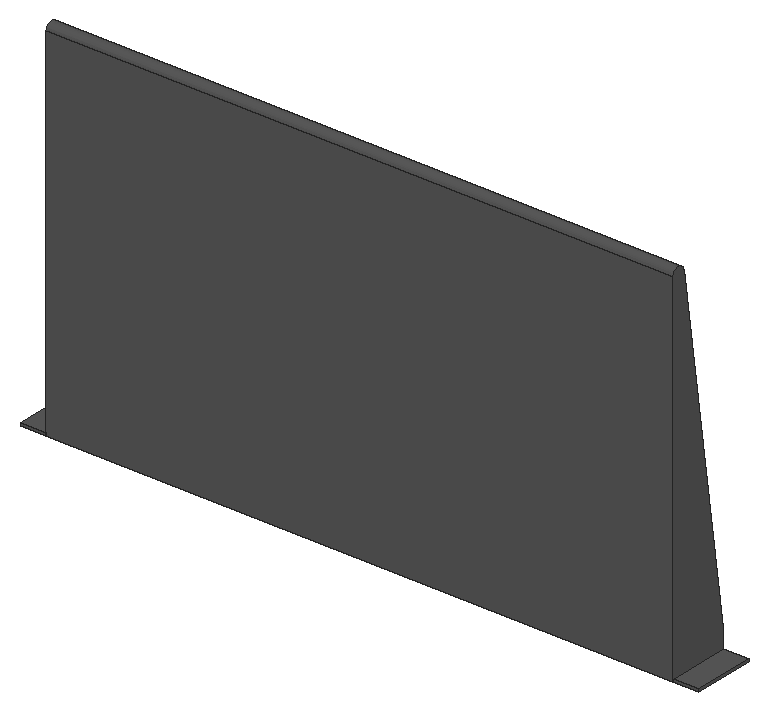
Revit family "Rack-Q-SYS-QIO Series", category Furniture, host Face, Revit 2020
Family settings
  Host = Face
  OmniClass Number = 23.40.20.27.17
  OmniClass Title = Racking
  Cut with Voids When Loaded = No
  Shared = No
  Room Calculation Point = No
Parameters (values of type "19" W x 10" D x 2" H")
  Width = 18.97"
  Weight Product = 2.4
  Weight Dimensional = 2.4
  Weight = 2.40 lbm
  URL = "https://www.qsys.com/products-solutions/q-sys/audio-io-peripherals/nm-t1/?L=0"
  Type Comments = "19\" W x 10\" D x 2\" H"
  Sustainability Rating = ""
  Regulatory Compliance = "Rack"
  Product Page URL = "https://www.qsys.com/products-solutions/q-sys/audio-io-peripherals/qio/"
  Product Documentation Link = "https://www.qsys.com/resource-files/productresources/dn/qio_series/q_dn_qsys_qioseries_rmk_2ddrawing.pdf"
  Part Number = ""
  OmniClass Number = "23.40.20.27.17"
  Model = "QIO RMK Rack Kit"
  Manufacturer URL = "www.qsys.com"
  Manufacturer = "Q-SYS"
  IQ Category = ""
  Height = 1.72"
  Description = "Rack kit for QIO Series."
  Depth = 10.31"
  Default Elevation = 48.00"
  Cost Project = 0
  Cost MSRP = 0
  Body Material = Paint - Q-SYS - Black Matte
Reference planes (in)
  plane 1 "Center (Front/Back)": y = 0
  plane 2: z = 0
  plane 3 "Center (Left/Right)": x = 0
  plane 4 "Left": x = -9.485
  plane 5 "Right": x = 9.485
  plane 6 "Bottom": y = -0.86
  plane 7 "Top": y = 0.86
  plane 8 "Back": z = 0
  plane 9 "Front": z = 10.31
  plane 10 "body left": x = -8.76059
  plane 11 "body right": x = 8.76059
  plane 12: y = -0.52535
  plane 13: x = -8.69809
  plane 14: x = 8.69809
Forms (in)
  Extrusion 1, solid, detail levels coarse
    sketch origin (0, 0, 10.31) x (-1, 0, 0) y (0, -1, 0)
      loop
        line (9.485, -0.86) -> (9.485, 0.86) -> (-9.485, 0.86) -> (-9.485, -0.86) -> (9.485, -0.86)
    from -10.31 to 0
  Extrusion 2, solid, material "Paint - Q-SYS - Black Matte" <- "Body Material", detail levels medium+fine
    sketch origin (0, 0, 0) x (0, 1, 0) y (0, 0, 1)
      loop
        line (0.86, 0.59055) -> (-0.50312, 10.15402)
        arc (-0.50312, 10.15402) -> (-0.69335, 10.3076) -> (-0.86, 10.12871) r 0.17934
        line (-0.86, 10.12871) -> (-0.86, 0) -> (0.86, 0) -> (0.86, 0.59055)
    from -8.76059 to 8.76059
  Extrusion 3, void
    sketch origin (0, 0, 0) x (0, 1, 0) y (0, 0, 1)
      loop
        line (0.86, 10.12871) -> (-0.7975, 10.12871) -> (-0.7975, 0) -> (0.86, 0) -> (0.86, 10.12871)
    from -8.69809 to 8.69809
  Extrusion 4, solid, material "Paint - Q-SYS - Black Matte" <- "Body Material", detail levels medium+fine
    sketch origin (0, 0, 0) x (-1, 0, 0) y (0, -1, 0)
      loop
        line (9.485, -0.86) -> (9.485, 0.86) -> (8.76059, 0.86) -> (8.76059, -0.86) -> (9.485, -0.86)
      loop
        line (-8.76059, -0.86) -> (-8.76059, 0.86) -> (-9.485, 0.86) -> (-9.485, -0.86) -> (-8.76059, -0.86)
    from 0 to 0.06
Cuts and joins
  Extrusion 3 cuts Extrusion 2
Lines and regions (in)
  Masking region 1, detail levels coarse
    outline origin (0, 0, 0) x (-1, 0, 0) y (0, -1, 0)
      loop
        line (-9.485, -0.86) -> (9.485, -0.86) -> (9.485, 0.86) -> (-9.485, 0.86) -> (-9.485, -0.86)
  Masking region 2, detail levels coarse
    outline origin (0, 0, 0) x (1, 0, 0) y (0, 0, 1)
      loop
        line (-9.485, 10.31) -> (-9.485, 0) -> (9.485, 0) -> (9.485, 10.31) -> (-9.485, 10.31)
  Masking region 3, detail levels coarse
    outline origin (0, 0, 0) x (0, 1, 0) y (0, 0, 1)
      loop
        line (0.86, 10.31) -> (-0.86, 10.31) -> (-0.86, 0) -> (0.86, 0) -> (0.86, 10.31)
  Masking region 4, detail levels medium+fine
    outline origin (0, 0, 0) x (-1, 0, 0) y (0, -1, 0)
      loop
        line (9.485, -0.86) -> (9.485, 0.86) -> (-9.485, 0.86) -> (-9.485, -0.86) -> (-8.69809, -0.86) -> (-8.69809, 0.49951) -> (8.69809, 0.49951) -> (8.69809, -0.86) -> (9.485, -0.86)
  Masking region 5, detail levels medium+fine
    outline origin (-8.76059, 0, 0) x (0, 0, 1) y (0, -1, 0)
      loop
        arc (10.15402, 0.50312) -> (10.3076, 0.69335) -> (10.12871, 0.86) r 0.17934
        line (10.12871, 0.86) -> (0, 0.86) -> (0, -0.86) -> (0.59055, -0.86) -> (10.15402, 0.50312)
  Masking region 6, detail levels medium+fine
    outline origin (0, 0, 0) x (1, 0, 0) y (0, 0, 1)
      loop
        line (-8.76059, 10.31) -> (-8.76059, 0.06) -> (-9.485, 0.06) -> (-9.485, 0) -> (9.485, 0) -> (9.485, 0.06) -> (8.76059, 0.06) -> (8.76059, 10.31) -> (-8.76059, 10.31)
  symbolic lines, style "GenericModel", detail levels medium+fine
    curve 1: line (-8.76059, 0.86, 0) -> (-8.76059, -0.86, 0)
    curve 2: line (8.76059, -0.86, 0) -> (8.76059, 0.86, 0)
  symbolic lines, detail levels medium+fine
    curve 3: line (-9.485, 0.86, 0.06) -> (-9.485, -0.86, 0.06)
    curve 4: line (-8.69809, 0.86, 10.31) -> (-8.69809, 0.86, 0)
    curve 5: line (8.69809, 0.86, 10.31) -> (8.69809, 0.86, 0)
Dimensions and locks (in)
  "Height": plane 7 "Top" to plane 6 "Bottom"
  equal spacing: plane 4 "Left", plane 3 "Center (Left/Right)", plane 5 "Right"
  "Width": plane 4 "Left" to plane 5 "Right"
  "Depth": plane 9 "Front" to plane 8 "Back"
  locked: plane 10 "body left" to plane 4 "Left" at 0.72441
  locked: plane 5 "Right" to plane 11 "body right" at 0.72441
  equal spacing: plane 7 "Top", plane 1 "Center (Front/Back)", plane 6 "Bottom"
  plane 12 to plane 6 "Bottom" = 0.33465"
  locked: plane 10 "body left" to plane 13 at 0.0625
  locked: plane 14 to plane 11 "body right" at 0.0625
  locked: Extrusion 3 sketch curve to plane 6 "Bottom" at 0.0625
  aligned and locked: plane 2 to host face
  aligned and locked: level to host face
  aligned and locked: level to plane 8 "Back"
  aligned and locked: plane 4 "Left" to Masking region 2 sketch curve
  aligned and locked: Masking region 2 sketch curve to plane 9 "Front"
  aligned and locked: plane 8 "Back" to Masking region 2 sketch curve
  aligned and locked: Masking region 2 sketch curve to plane 5 "Right"
  aligned and locked: Masking region 3 sketch curve to plane 7 "Top"
  aligned and locked: plane 6 "Bottom" to Masking region 3 sketch curve
  aligned and locked: Masking region 3 sketch curve to plane 9 "Front"
  aligned and locked: plane 8 "Back" to Masking region 3 sketch curve
  aligned and locked: Extrusion 1 to plane 8 "Back"
  aligned and locked: plane 9 "Front" to Extrusion 1
  aligned and locked: Extrusion 2 sketch curve to plane 6 "Bottom"
  aligned and locked: Extrusion 2 sketch curve to plane 8 "Back"
  aligned and locked: plane 7 "Top" to Extrusion 2 sketch curve
  aligned and locked: Extrusion 2 to plane 10 "body left"
  aligned and locked: plane 11 "body right" to Extrusion 2
  aligned and locked: plane 7 "Top" to Extrusion 3 sketch curve
  aligned and locked: Extrusion 3 to plane 13
  aligned and locked: plane 14 to Extrusion 3
  aligned and locked: Extrusion 3 sketch curve to plane 8 "Back"
  aligned and locked: Extrusion 4 sketch curve to Extrusion 4 sketch curve  (x2)
  aligned and locked: Extrusion 4 sketch curve to plane 10 "body left"
  aligned and locked: plane 6 "Bottom" to Extrusion 4 sketch curve
  aligned and locked: Extrusion 4 sketch curve to plane 7 "Top"
  aligned and locked: plane 4 "Left" to Extrusion 4 sketch curve
  aligned and locked: Extrusion 4 sketch curve to plane 5 "Right"
  aligned and locked: plane 11 "body right" to Extrusion 4 sketch curve
  aligned and locked: Extrusion 1 sketch curve to plane 5 "Right"
  aligned and locked: plane 4 "Left" to Extrusion 1 sketch curve
  aligned and locked: Extrusion 1 sketch curve to plane 7 "Top"
  aligned and locked: plane 6 "Bottom" to Extrusion 1 sketch curve
  aligned and locked: Masking region 1 sketch curve to Extrusion 1  (x4)
  aligned and locked: Masking region 4 sketch curve to Masking region 4 sketch curve
  aligned and locked: Masking region 4 sketch curve to cut or joined group of Extrusion 2, Extrusion 3
  aligned and locked: plane 13 to Masking region 4 sketch curve
  aligned and locked: plane 7 "Top" to Masking region 4 sketch curve
  aligned and locked: Masking region 4 sketch curve to plane 4 "Left"
  aligned and locked: Masking region 4 sketch curve to plane 6 "Bottom"
  aligned and locked: Masking region 4 sketch curve to plane 14
  aligned and locked: plane 5 "Right" to Masking region 4 sketch curve
  aligned and locked: curve 1 to cut or joined group of Extrusion 2, Extrusion 3
  aligned and locked: curve 2 to cut or joined group of Extrusion 2, Extrusion 3
  aligned and locked: Masking region 5 sketch curve to cut or joined group of Extrusion 2, Extrusion 3  (x5)
  aligned and locked: curve 3 to Extrusion 4
  aligned and locked: Masking region 6 sketch curve to cut or joined group of Extrusion 2, Extrusion 3
  aligned and locked: Extrusion 4 to Masking region 6 sketch curve
  aligned and locked: Masking region 6 sketch curve to Extrusion 4  (x4)
  aligned and locked: cut or joined group of Extrusion 2, Extrusion 3 to Masking region 6 sketch curve
  aligned and locked: plane 9 "Front" to Masking region 6 sketch curve
  aligned and locked: Masking region 6 to curve 4  (x2)
  aligned and locked: Masking region 6 to curve 5  (x2)
  aligned and locked: curve 4 to plane 13
  aligned and locked: curve 5 to plane 14
Automatic sketch dimensions
  host sketch curve to host sketch curve = 96.00"  (x2)
  plane 12 to Extrusion 2 sketch curve = 0.15531"
  Extrusion 2 sketch curve to plane 12 = 0.02223"
  level to Extrusion 2 sketch curve = 0.59055"
  Extrusion 2 sketch curve to plane 9 "Front" = 0.18129"
  Extrusion 3 sketch curve to plane 9 "Front" = 0.18129"
  curve 1 to plane 7 "Top" = 0.00"
  curve 1 to plane 6 "Bottom" = 0.00"
  curve 2 to plane 7 "Top" = 0.00"
  curve 2 to plane 6 "Bottom" = 0.00"
  curve 3 to plane 6 "Bottom" = 0.00"
  curve 3 to plane 7 "Top" = 0.00"
  Masking region 5 sketch curve to plane 12 = 0.02223"
